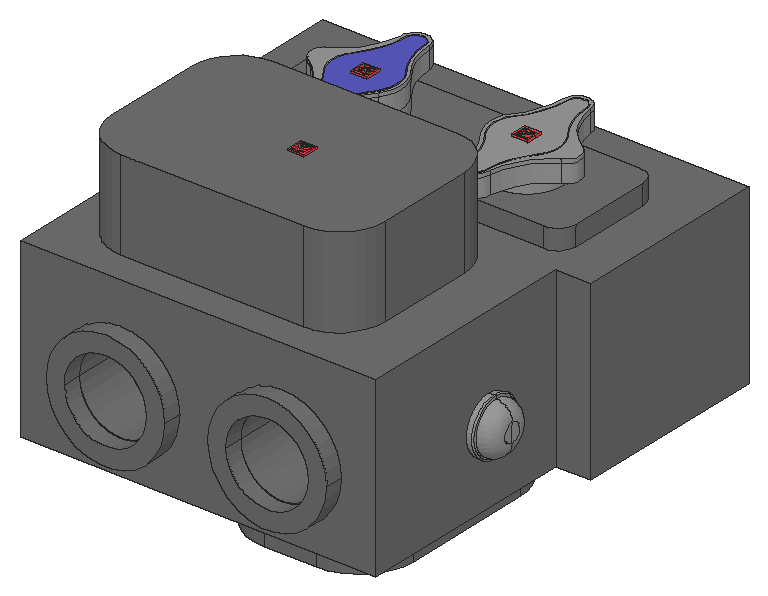
Revit family "HerzCon-Fan-coils and terminal units connection 90mm", category Rohrzubehör, Revit 2021
Family settings
  Bemaßung runder Anschluss = Durchmesser verwenden
  Teiletyp = Unterbricht
  OmniClass-Nummer = 23.65.55.14
  OmniClass-Titel = Valves for Liquid Services
  Arbeitsebenenbasiert = Nein
  Immer vertikal = Ja
  Beim Laden mit Abzugskörper schneiden = Nein
  Gemeinsam genutzt = Nein
Parameters (values of type "DN25")
  kvs-Wert (normal funktion) = "2.75"  # constant formula
  kvs-Wert (bypass funktion) = "10.00"  # constant formula
  Vorgabe-Ansicht = 0.00 mm
  URL = "www.herzvalves.com"
  SCRNSEQ = "ARM;TYP_ARM=\"DURR\";02"
  SCRNCODE = "05;04;04"  # constant formula
  Part number isolation [instance] = 1470098  # constant formula
  Part number [instance] = 1460058  # constant formula
  Nennweite SF [instance] = 32.00 mm  # constant formula
  Nennweite Kombi [instance] = 32.00 mm  # constant formula
  Nennweite KH [instance] = 25.00 mm  # constant formula
  Min. operating temperature = -20 °C  # constant formula
  Membranes and O-rings = "EPDM"  # constant formula
  Medium = "Water purity in accordance with the ÖNORM H 5195 and VDI 2035 standards.\r\nEthylene and propylene glycol can be mixed to a ratio of 25 - 50 vol. [%]."
  Max. operating temperature = 130 °C  # constant formula
  Max. operating pressure = 2500000.0 Pa  # constant formula
  Max. differential pressure = 400000.0 Pa  # constant formula
  L11 = 14.00 mm  # constant formula
  L10 = 25.00 mm  # constant formula
  L09 = 16.00 mm  # constant formula
  L08 = 14.75 mm  # constant formula
  L07 = 12.50 mm  # constant formula
  L06 = 20.50 mm  # constant formula
  L04 = 45.00 mm  # constant formula
  L03 = 18.00 mm  # constant formula
  L02 = 4.80 mm  # constant formula
  L01 = 19.85 mm  # constant formula
  L00 [instance] = 189.70 mm  # constant formula
  L05 = 22.00 mm  # constant formula
  Insulation box = "EPP, water vapour impermeable, black"  # constant formula
  Lift = "4 mm"  # constant formula
  Hersteller = "HERZ Armaturen Ges.m.b.H."  # constant formula
  H02 = D02 + 1.00 mm  # 28.00 mm
  H01 = 39.50 mm  # constant formula
  Insulation [instance] = yes
  D11 = 20.00 mm  # constant formula
  D10 = 13.00 mm  # constant formula
  D09 = 18.90 mm  # constant formula
  D08 = 19.10 mm  # constant formula
  D07 = 14.85 mm  # constant formula
  D06 = 32.60 mm  # constant formula
  D05 = 33.80 mm  # constant formula
  D04 = 15.50 mm  # constant formula
  D03 = 21.25 mm  # constant formula
  D02 = 27.00 mm  # constant formula
  D01 = 15.00 mm  # constant formula
  Body = "dezincification-resistant brass"  # constant formula
  Application = "HerzCON has been designed to give a simple connection to fan-coils, or other terminal units, and utilises the HERZ 4006 SMART Pressure Independent Balancing Control Valve with HERZ multifunctional ball valve and a HERZ strainer with HERZ drain valve 2512.\r\nOn/off or modulating 0 – 10 V DC actuators can be fitted and integrated to a BMS if required.\r\nThe unit allows pressure independent control ensuring full stroke regardless of pressure fluctuations, while guaranteeing a constant flow rate to the terminal unit maximising energy efficiency for the system.\r\nThe HerzCON unit also permits flushing and isolating operations to be undertaken.\r\nThis means there is no product differentiation between heating and chilled, one unit does both applications.\r\nThe drain cock fitted to the strainer allows flushing without the need to remove the strainer basket and also allows the strainer basket to be cleaned in-situ."
Reference planes
  plane 1 "Mitte (Vorne/hinten)": y = 0
  plane 2: z = 0
  plane 3 "Mitte (Links/rechts)": x = 0
Forms (mm)
  Revolve 1, solid, material "Messing, weicher Gelbton, geschweißt", detail levels fine
    sketch origin (-0.315, -1.436, 0) x (1, 0, 0) y (0, 1, 0)
      loop
        line (-94.535, 1.436) -> (95.165, 1.436) -> (95.165, 16.436) -> (75.315, 16.436) -> (75.315, 28.436) -> (23.115, 28.436) -> (23.115, 22.686) -> (18.315, 22.686) -> (18.315, 16.936) -> (-17.685, 16.936) -> (-17.685, 22.686) -> (-22.485, 22.686) -> (-22.485, 28.436) -> (-74.685, 28.436) -> (-74.685, 16.436) -> (-94.535, 16.436) -> (-94.535, 1.436)
      axis (95.165, 1.436) -> (-94.535, 1.436)
    angle from 0 to 360
  Revolve 2, solid, material "Messing, weicher Gelbton, geschweißt", detail levels fine
    sketch origin (0, 0, 0) x (1, 0, 0) y (0, 1, 0)
      loop
        line (-45, 28.35) -> (-57.5, 28.35) -> (-57.5, 47.45) -> (-65.5, 47.45) -> (-65.5, 32.6) -> (-67, 32.6) -> (-67, -33.8) -> (-59.75, -33.8) -> (-59.75, -45.7) -> (-70, -45.7) -> (-70, -65.7) -> (-61, -65.7) -> (-61, -52.7) -> (-45, -52.7) -> (-45, 28.35)
      axis (-45, 47.45) -> (-45, -65.7)
    angle from 0 to 360
  Revolve 3, solid, material "Messing, weicher Gelbton, geschweißt", detail levels fine
    sketch origin (0, 0, 0) x (-1, 0, 0) y (0, 1, 0)
      loop
        line (-45, 28.35) -> (-57.5, 28.35) -> (-57.5, 47.45) -> (-65.5, 47.45) -> (-65.5, 32.6) -> (-67, 32.6) -> (-67, -33.8) -> (-59.75, -33.8) -> (-59.75, -45.7) -> (-70, -45.7) -> (-70, -65.7) -> (-61, -65.7) -> (-61, -52.7) -> (-45, -52.7) -> (-45, 28.35)
      axis (-45, 47.45) -> (-45, -65.7)
    angle from 0 to 360
  Revolve 4, solid, material "Messing, weicher Gelbton, geschweißt", detail levels fine
    sketch origin (0, 0, 0) x (1, 0, 0) y (0, 0, 1)
      loop
        line (-45, 0) -> (-45, 39.5) -> (-59, 39.5) -> (-59, 0) -> (-45, 0)
      axis (-45, 0) -> (-45, 39.5)
    angle from 0 to 360
  Revolve 5, solid, material "Messing, weicher Gelbton, geschweißt", detail levels fine
    sketch origin (0, 0, 0) x (-1, 0, 0) y (0, 0, 1)
      loop
        line (-45, 0) -> (-45, 39.5) -> (-59, 39.5) -> (-59, 0) -> (-45, 0)
      axis (-45, 0) -> (-45, 39.5)
    angle from 0 to 360
  Revolve 6, solid, material "Messing, weicher Gelbton, geschweißt", detail levels fine
    sketch origin (0, 33.127, 0) x (1, 0, 0) y (0, 1, 0)
      loop
        line (45, -87.677) -> (29, -87.677) -> (29, -96.677) -> (30, -96.677) -> (30, -154.677) -> (29, -154.677) -> (29, -163.677) -> (45, -163.677) -> (45, -87.677)
      axis (45, -87.677) -> (45, -163.677)
    angle from 0 to 360
  Revolve 7, solid, material "Messing, weicher Gelbton, geschweißt", detail levels fine
    sketch origin (0, 0, 0) x (1, 0, 0) y (0, 1, 0)
      loop
        line (25, -92.55) -> (25, -107.55) -> (45, -107.55) -> (60, -111.55) -> (68, -111.55) -> (68, -107.55) -> (78, -107.55) -> (78, -105.55) -> (91, -105.55) -> (91, -106.55) -> (100, -106.55) -> (100, -92.55) -> (25, -92.55)
      axis (25, -92.55) -> (100, -92.55)
    angle from 0 to 360
  Revolve 8, solid, material "Messing, weicher Gelbton, geschweißt", detail levels fine
    sketch origin (0, 0, 0) x (1, 0, 0) y (0, 1, 0)
      loop
        line (25, -92.55) -> (11, -92.55) -> (11, -103.55) -> (15, -103.55) -> (15, -109.55) -> (25, -109.55) -> (25, -92.55)
      axis (11, -92.55) -> (25, -92.55)
    angle from 0 to 360
  Extrusion 9, solid, material "Messing, weicher Gelbton, geschweißt", detail levels fine
    sketch origin (0, 0, 0) x (0, 1, 0) y (0, 0, 1)
      loop
        line (-87.8, 46) -> (-97.3, 46) -> (-130.012, 27.114) -> (-134.762, 18.886) -> (-134.762, -18.886) -> (-130.012, -27.114) -> (-97.3, -46) -> (-87.8, -46) -> (-55.088, -27.114) -> (-50.338, -18.886) -> (-50.338, 18.886) -> (-55.088, 27.114) -> (-87.8, 46)
    from 11 to -10.6
  Revolve 10, solid, material "Messing, weicher Gelbton, geschweißt", detail levels fine
    sketch origin (0, 0, 0) x (1, 0, 0) y (0, 1, 0)
      loop
        line (-10.6, -92.55) -> (-10.6, -62.694) -> (-14.1, -75.05) -> (-14.1, -92.55) -> (-10.6, -92.55)
      axis (-14.1, -92.55) -> (-10.6, -92.55)
    angle from 0 to 360
  Extrusion 11, solid, material "Messing, weicher Gelbton, geschweißt", detail levels fine
    sketch origin (0, 0, 0) x (1, 0, 0) y (0, 0, 1)
      loop
        line (11, 8) -> (-6.1, 8)
        arc (-6.1, 8) -> (-14.1, 0) -> (-6.1, -8) r 8
        line (-6.1, -8) -> (11, -8) -> (11, 8)
    from 49.053 to 92.55
  Revolve 12, solid, material "Messing, weicher Gelbton, geschweißt", detail levels fine
    sketch origin (0, 0, 0) x (1, 0, 0) y (0, 1, 0)
      loop
        line (-13.1, -49.053) -> (-6.1, -49.053) -> (-6.1, -33.053) -> (-13.1, -33.053) -> (-13.1, -44.053) -> (-10.1, -44.053) -> (-10.1, -46.053) -> (-13.1, -46.053) -> (-13.1, -49.053)
      axis (-6.1, -33.053) -> (-6.1, -49.053)
    angle from 0 to 360
  Revolve 13, solid, material "Messing, weicher Gelbton, geschweißt", detail levels fine
    sketch origin (45, 0, 0) x (0, 1, 0) y (0, 0, 1)
      loop
        line (-107.55, 29) -> (-116.55, 29) -> (-116.55, 0) -> (-115.35, 0) -> (-115.35, -27) -> (-114.55, -27) -> (-114.55, -30) -> (-111.55, -30) -> (-111.55, -32) -> (-114.55, -32) -> (-114.55, -43) -> (-107.55, -43) -> (-107.55, 29)
      axis (-107.55, 29) -> (-107.55, -43)
    angle from 0 to 360
  Revolve 14, solid, material "Messing, weicher Gelbton, geschweißt", detail levels fine
    sketch origin (45, 0, 0) x (0, 1, 0) y (0, 0, 1)
      loop
        line (-68.55, 29) -> (-77.55, 29) -> (-77.55, 0) -> (-68.55, 0) -> (-68.55, 29)
      axis (-77.55, 29) -> (-77.55, 0)
    angle from 0 to 360
  Revolve 15, solid, material "Messing, weicher Gelbton, geschweißt", detail levels fine
    sketch origin (5.25, 97.957, 0) x (1, 0, 0) y (0, 1, 0)
      loop
        line (-50.25, -152.507) -> (-66.25, -152.507) -> (-66.25, -167.507) -> (-67.75, -167.507) -> (-67.75, -230.907) -> (-66.25, -230.907) -> (-66.25, -242.507) -> (-50.25, -242.507) -> (-50.25, -152.507)
      axis (-50.25, -152.507) -> (-50.25, -242.507)
    angle from 0 to 360
  Revolve 16, solid, material "Messing, weicher Gelbton, geschweißt", detail levels fine
    sketch origin (-45, -230.478, 0) x (0, 1, 0) y (0, 0, 1)
      loop
        arc (130.928, -23.913) -> (141.764, -20.377) -> (148.428, -11.13) r 18.37
        line (148.428, -11.13) -> (148.428, 3) -> (149.428, 4.812) -> (149.428, 32.5) -> (149.428, 34.5) -> (148.428, 34.5) -> (148.428, 36) -> (144.428, 36) -> (144.428, 49) -> (142.55, 50.084)
        arc (142.55, 50.084) -> (140.382, 52.622) -> (140.295, 55.959) r 5
        line (140.295, 55.959) -> (141.933, 61) -> (141.933, 76) -> (144.133, 76) -> (144.133, 77.5) -> (145.912, 77.5) -> (145.912, 84) -> (144.912, 86.5) -> (133.412, 86.5) -> (133.412, 89.5) -> (134.912, 89.5) -> (134.912, 91.5) -> (130.928, 91.5) -> (130.928, -23.913)
      axis (130.928, 91.5) -> (130.928, -23.913)
    angle from 0 to 360
  Extrusion 17, solid, material "Messing, weicher Gelbton, geschweißt", detail levels fine
    sketch origin (-1, -230.478, 0) x (0, 1, 0) y (0, 0, 1)
      loop
        circle (130.928, 65) r 5.5
    from -44 to -27
  Extrusion 18, solid, material "Kunststoff-Anthrazit/Schwarz", visible <- "Insulation", detail levels fine
    sketch origin (-452.346, 0, 0) x (1, 0, 0) y (0, 1, 0)
      loop
        line (332.346, 64.5) -> (332.346, -45.5) -> (351.746, -45.5) -> (351.746, -170.5) -> (549.946, -170.5) -> (549.946, -45.5) -> (569.346, -45.5) -> (569.346, 64.5) -> (332.346, 64.5)
    from -42 to 56
  Extrusion 19, void
    sketch origin (0, 0, 0) x (0, 1, 0) y (0, 0, 1)
      loop
        circle (-92.55, 0) r 15
    from 117 to 32.451
  Extrusion 20, void
    sketch origin (0, 0, 0) x (1, 0, 0) y (0, 0, 1)
      loop
        circle (-45, 0) r 23
      loop
        circle (45, 0) r 23
    from 184.5 to -80
  Extrusion 21, solid, material "Kunststoff-Anthrazit/Schwarz", visible <- "Insulation", detail levels fine
    sketch origin (0, 0, 0) x (1, 0, 0) y (0, 0, 1)
      loop
        circle (-45, 0) r 33
      loop
        circle (45, 0) r 33
    from 180.5 to 170.5
  Extrusion 22, solid, material "Kunststoff-Anthrazit/Schwarz", visible <- "Insulation", detail levels fine
    sketch origin (0, 0, 0) x (1, 0, 0) y (0, 0, 1)
      loop
        circle (-45, 0) r 33
      loop
        circle (45, 0) r 33
    from -64.5 to -74.5
  Extrusion 23, solid, material "Kunststoff-Anthrazit/Schwarz", visible <- "Insulation", detail levels fine
    sketch origin (0, 0, 0) x (1, 0, 0) y (0, 1, 0)
      loop
        line (43.2, -46.9) -> (-58.4, -46.9)
        arc (-58.4, -46.9) -> (-76.078, -54.222) -> (-83.4, -71.9) r 25
        line (-83.4, -71.9) -> (-83.4, -128)
        arc (-83.4, -128) -> (-76.078, -145.678) -> (-58.4, -153) r 25
        line (-58.4, -153) -> (43.2, -153)
        arc (43.2, -153) -> (60.878, -145.678) -> (68.2, -128) r 25
        line (68.2, -128) -> (68.2, -71.9)
        arc (68.2, -71.9) -> (60.878, -54.222) -> (43.2, -46.9) r 25
    from 56 to 106
  Extrusion 24, solid, material "Kunststoff-Anthrazit/Schwarz", visible <- "Insulation", detail levels fine
    sketch origin (0, 0, 0) x (1, 0, 0) y (0, 1, 0)
      loop
        arc (81.5, -33.43) -> (88.571, -30.501) -> (91.5, -23.43) r 10
        line (91.5, -23.43) -> (91.5, 22.8)
        arc (91.5, 22.8) -> (88.571, 29.871) -> (81.5, 32.8) r 10
        line (81.5, 32.8) -> (-81.5, 32.8)
        arc (-81.5, 32.8) -> (-88.571, 29.871) -> (-91.5, 22.8) r 10
        line (-91.5, 22.8) -> (-91.5, -23.43)
        arc (-91.5, -23.43) -> (-88.571, -30.501) -> (-81.5, -33.43) r 10
        line (-81.5, -33.43) -> (81.5, -33.43)
    from 56 to 67
  Extrusion 25, solid, material "Kunststoff-Anthrazit/Schwarz", visible <- "Insulation", detail levels fine
    sketch origin (0, 0, 0) x (1, 0, 0) y (0, 1, 0)
      loop
        arc (5.4, 1.85) -> (-15.813, -6.937) -> (-24.6, -28.15) r 30
        line (-24.6, -28.15) -> (-24.6, -102.9)
        arc (-24.6, -102.9) -> (-15.813, -124.113) -> (5.4, -132.9) r 30
        line (5.4, -132.9) -> (34.4, -132.9)
        arc (34.4, -132.9) -> (55.613, -124.113) -> (64.4, -102.9) r 30
        line (64.4, -102.9) -> (64.4, -28.15)
        arc (64.4, -28.15) -> (55.613, -6.937) -> (34.4, 1.85) r 30
        line (34.4, 1.85) -> (5.4, 1.85)
    from -42 to -76
Cuts and joins
  Extrusion 19, Extrusion 20 cuts Extrusion 18
  Extrusion 20 cuts Extrusion 21
  Extrusion 20 cuts Extrusion 22
Dimensions and locks
  "D04": Revolve 1 sketch curve to Revolve 1 sketch curve
  "D03": Revolve 1 sketch curve to Revolve 1 sketch curve  (x2)
  "D01": Revolve 1 sketch curve to Revolve 1 sketch curve  (x2)
  "D02": Revolve 1 sketch curve to Revolve 1 sketch curve  (x2)
  "L00": Revolve 1 sketch curve to Revolve 1 sketch curve
  "L01": Revolve 1 sketch curve to Revolve 1 sketch curve  (x2)
  "L02": Revolve 1 sketch curve to Revolve 1 sketch curve  (x2)
  equal spacing: Revolve 1 sketch curve, plane 3 "Mitte (Links/rechts)", Revolve 1 sketch curve
  "L03": Revolve 1 sketch curve to plane 3 "Mitte (Links/rechts)" to Revolve 1 sketch curve
  "L04": Revolve 2 sketch curve to plane 3 "Mitte (Links/rechts)"  (x2)
  "L05": Revolve 2 sketch curve to Revolve 2 sketch curve
  "D05": Revolve 2 sketch curve to plane 1 "Mitte (Vorne/hinten)"
  "D06": plane 1 "Mitte (Vorne/hinten)" to Revolve 2 sketch curve
  "L06": Revolve 2 sketch curve to Revolve 2 sketch curve
  "D07": Revolve 2 sketch curve to Revolve 2 sketch curve
  "D08": Revolve 2 sketch curve to Revolve 2 sketch curve
  "L07": Revolve 2 sketch curve to Revolve 2 sketch curve
  "L08": Revolve 2 sketch curve to Revolve 2 sketch curve
  "D09": Revolve 2 sketch curve to Revolve 2 sketch curve
  "D10": Revolve 2 sketch curve to Revolve 2 sketch curve
  "D11": Revolve 2 sketch curve to Revolve 2 sketch curve
  "L09": Revolve 2 sketch curve to Revolve 2 sketch curve
  "L10": Revolve 2 sketch curve to Revolve 2 sketch curve
  "L05": Revolve 3 sketch curve to Revolve 3 sketch curve
  "L06": Revolve 3 sketch curve to Revolve 3 sketch curve
  "D07": Revolve 3 sketch curve to Revolve 3 sketch curve
  "D08": Revolve 3 sketch curve to Revolve 3 sketch curve
  "L07": Revolve 3 sketch curve to Revolve 3 sketch curve
  "L08": Revolve 3 sketch curve to Revolve 3 sketch curve
  "D09": Revolve 3 sketch curve to Revolve 3 sketch curve
  "D10": Revolve 3 sketch curve to Revolve 3 sketch curve
  "D11": Revolve 3 sketch curve to Revolve 3 sketch curve
  "L09": Revolve 3 sketch curve to Revolve 3 sketch curve
  "L10": Revolve 3 sketch curve to Revolve 3 sketch curve
  "L04": plane 3 "Mitte (Links/rechts)" to Revolve 3 sketch curve  (x2)
  "D05": Revolve 3 sketch curve to plane 1 "Mitte (Vorne/hinten)"
  "D06": plane 1 "Mitte (Vorne/hinten)" to Revolve 3 sketch curve
  "H01": Revolve 4 sketch curve to plane 2
  "L04": plane 3 "Mitte (Links/rechts)" to Revolve 4 sketch curve  (x2)
  "L11": Revolve 4 sketch curve to Revolve 4 sketch curve
  "L11": Revolve 5 sketch curve to Revolve 5 sketch curve
  "L04": Revolve 5 sketch curve to plane 3 "Mitte (Links/rechts)"  (x2)
  "H01": Revolve 5 sketch curve to plane 2
  "L04": nested 3 to plane 3 "Mitte (Links/rechts)"
  "L04": plane 3 "Mitte (Links/rechts)" to nested 4
  "H02": nested 3 to plane 2
  "H02": nested 4 to plane 2
  "L04": plane 3 "Mitte (Links/rechts)" to Revolve 6 sketch curve  (x2)
  Revolve 6 sketch curve to Revolve 6 sketch curve = 16.00 mm  (x2)
  Revolve 6 sketch curve to Revolve 6 sketch curve = 15.00 mm
  Revolve 6 sketch curve to Revolve 6 sketch curve = 76.00 mm
  Revolve 6 sketch curve to Revolve 6 sketch curve = 9.00 mm  (x2)
  equal spacing: Revolve 6, Revolve 7 sketch curve, Revolve 6  (x2)
  Revolve 7 sketch curve to Revolve 7 sketch curve = 75.00 mm
  Revolve 7 sketch curve to Revolve 7 sketch curve = 9.00 mm
  Revolve 7 sketch curve to Revolve 7 sketch curve = 13.00 mm  (x2)
  Revolve 7 sketch curve to Revolve 7 sketch curve = 10.00 mm
  "L04": plane 3 "Mitte (Links/rechts)" to Revolve 7 sketch curve
  Revolve 7 sketch curve to Revolve 7 sketch curve = 14.00 mm
  Revolve 7 sketch curve to Revolve 7 sketch curve = 15.00 mm  (x2)
  Revolve 7 sketch curve to Revolve 7 sketch curve = 20.00 mm
  Revolve 7 sketch curve to Revolve 7 sketch curve = 35.00 mm
  Revolve 8 sketch curve to Revolve 7 = 20.00 mm
  equal spacing: Revolve 6, Revolve 8 sketch curve, Revolve 6  (x2)
  Revolve 8 sketch curve to Revolve 8 sketch curve = 17.00 mm
  Revolve 8 sketch curve to Revolve 8 sketch curve = 11.00 mm
  Revolve 8 sketch curve to Revolve 8 sketch curve = 14.00 mm
  Revolve 8 sketch curve to Revolve 8 sketch curve = 10.00 mm
  Revolve 6 to Extrusion 9 sketch curve = 4.212 mm
  Extrusion 9 sketch curve to Revolve 6 = 4.212 mm
  Extrusion 9 sketch curve to Extrusion 9 sketch curve = 84.424 mm
  equal spacing: Extrusion 9 sketch curve, level, Extrusion 9 sketch curve
  Extrusion 9 to Revolve 7 = 34.00 mm
  equal spacing: Revolve 6, Revolve 10 sketch curve, Revolve 6  (x2)
  Revolve 10 sketch curve to Revolve 10 sketch curve = 17.50 mm
  Revolve 10 sketch curve to Revolve 10 sketch curve = 29.856 mm
  Revolve 10 sketch curve to Extrusion 9 = 3.50 mm
  equal spacing: Revolve 6, nested 5, Revolve 6
  Revolve 7 to nested 5 = 46.00 mm
  Extrusion 9 to Revolve 10 = 25.10 mm
  Revolve 12 sketch curve to Revolve 12 sketch curve = 7.00 mm  (x2)
  Revolve 12 sketch curve to Revolve 12 sketch curve = 4.00 mm
  Revolve 12 sketch curve to Revolve 12 sketch curve = 3.00 mm
  Revolve 12 sketch curve to Revolve 12 sketch curve = 2.00 mm
  Revolve 12 sketch curve to Revolve 12 sketch curve = 11.00 mm
  Revolve 10 to Revolve 12 sketch curve = 1.00 mm
  Revolve 10 to Revolve 12 sketch curve = 8.00 mm
  Extrusion 11 to Revolve 12 sketch curve = 43.497 mm
  equal spacing: Revolve 6, Extrusion 11, Revolve 6
  Extrusion 11 to Extrusion 11 = 43.497 mm
  Revolve 3 to Revolve 6 = 178.00 mm
  Revolve 13 sketch curve to Revolve 13 sketch curve = 7.80 mm
  Revolve 13 sketch curve to Revolve 13 sketch curve = 9.00 mm
  Revolve 13 sketch curve to Revolve 13 sketch curve = 7.00 mm  (x2)
  Revolve 13 sketch curve to Revolve 13 sketch curve = 4.00 mm
  Revolve 13 sketch curve to Revolve 13 sketch curve = 3.00 mm
  Revolve 13 sketch curve to Revolve 13 sketch curve = 2.00 mm
  Revolve 13 sketch curve to Revolve 13 sketch curve = 11.00 mm
  "L04": plane 3 "Mitte (Links/rechts)" to Revolve 13
  Revolve 14 sketch curve to Revolve 14 sketch curve = 9.00 mm
  "L04": plane 3 "Mitte (Links/rechts)" to Revolve 14
  nested 7 to plane 2 = 29.00 mm
  nested 6 to plane 2 = 29.00 mm
  Revolve 15 sketch curve to Revolve 15 sketch curve = 11.60 mm
  Revolve 15 sketch curve to Revolve 15 sketch curve = 15.00 mm
  Revolve 15 sketch curve to Revolve 15 sketch curve = 90.00 mm
  Revolve 15 sketch curve to Revolve 15 sketch curve = 16.00 mm  (x2)
  Revolve 15 sketch curve to Revolve 15 sketch curve = 17.50 mm
  Revolve 15 to Revolve 16 sketch curve = 45.00 mm  (x2)
  Revolve 15 to Extrusion 17 sketch curve = 45.00 mm
  nested 8 to Revolve 15 = 45.00 mm
  plane 2 to Revolve 16 sketch curve = 23.913 mm
  Revolve 16 sketch curve to plane 2 = 34.50 mm
  Revolve 16 sketch curve to Revolve 16 sketch curve = 17.50 mm  (x2)
  Revolve 16 sketch curve to plane 2 = 4.812 mm
  Revolve 16 sketch curve to Revolve 16 sketch curve = 18.50 mm
  Revolve 16 sketch curve to Revolve 16 sketch curve = 1.50 mm
  Revolve 16 sketch curve to Revolve 16 sketch curve = 13.50 mm
  Revolve 16 sketch curve to Revolve 16 sketch curve = 13.00 mm
  "L04": Revolve 16 to plane 3 "Mitte (Links/rechts)"
  "L04": Revolve 15 sketch curve to plane 3 "Mitte (Links/rechts)"  (x2)
  Extrusion 17 to Extrusion 17 = 17.00 mm
  "L04": plane 3 "Mitte (Links/rechts)" to Extrusion 17
  Revolve 16 to Extrusion 17 sketch curve = 11.00 mm
  Extrusion 17 sketch curve to plane 2 = 65.00 mm
  Revolve 15 to Revolve 2 = 192.00 mm
  Extrusion 18 sketch curve to Extrusion 18 sketch curve = 237.00 mm
  Extrusion 18 sketch curve to Extrusion 18 sketch curve = 235.00 mm
  Extrusion 18 sketch curve to Extrusion 18 sketch curve = 19.40 mm  (x2)
  plane 1 "Mitte (Vorne/hinten)" to Extrusion 18 sketch curve = 64.50 mm
  Extrusion 18 sketch curve to Extrusion 18 sketch curve = 110.00 mm  (x2)
  cut or joined group of Extrusion 18, Extrusion 19, Extrusion 20 to Extrusion 19 sketch curve = 77.95 mm
  cut or joined group of Extrusion 18, Extrusion 19, Extrusion 20 to Extrusion 20 sketch curve = 52.00 mm
  cut or joined group of Extrusion 18, Extrusion 19, Extrusion 20 to Extrusion 20 sketch curve = 142.00 mm
  cut or joined group of Extrusion 18, Extrusion 19, Extrusion 20 to Extrusion 21 sketch curve = 42.00 mm
  cut or joined group of Extrusion 18, Extrusion 19, Extrusion 20 to Extrusion 21 sketch curve = 132.00 mm
  cut or joined group of Extrusion 18, Extrusion 19, Extrusion 20 to Extrusion 22 sketch curve = 42.00 mm
  cut or joined group of Extrusion 18, Extrusion 19, Extrusion 20 to Extrusion 22 sketch curve = 132.00 mm
  cut or joined group of Extrusion 18, Extrusion 19, Extrusion 20 to Extrusion 23 sketch curve = 17.50 mm
  cut or joined group of Extrusion 18, Extrusion 19, Extrusion 20 to Extrusion 23 sketch curve = 17.20 mm
  Extrusion 23 sketch curve to Extrusion 23 sketch curve = 151.60 mm
  Extrusion 23 sketch curve to Extrusion 23 sketch curve = 106.10 mm
  Extrusion 24 sketch curve to Extrusion 24 sketch curve = 66.23 mm
  Extrusion 24 sketch curve to Extrusion 24 sketch curve = 183.00 mm
  cut or joined group of Extrusion 18, Extrusion 19, Extrusion 20 to Extrusion 24 sketch curve = 28.50 mm
  Extrusion 24 sketch curve to cut or joined group of Extrusion 18, Extrusion 19, Extrusion 20 = 25.50 mm
  cut or joined group of Extrusion 18, Extrusion 19, Extrusion 20 to Extrusion 24 sketch curve = 31.70 mm
  cut or joined group of Extrusion 18, Extrusion 19, Extrusion 20 to Extrusion 25 sketch curve = 62.65 mm
  Extrusion 25 sketch curve to Extrusion 25 sketch curve = 134.75 mm
  Extrusion 25 sketch curve to cut or joined group of Extrusion 18, Extrusion 19, Extrusion 20 = 52.60 mm
  Extrusion 25 sketch curve to Extrusion 25 sketch curve = 89.00 mm
  equal spacing: Extrusion 23, nested 9, Extrusion 23
  nested 9 to plane 2 = 105.20 mm
  radius of Revolve 16 sketch curve = 18.37 mm
  radius of Extrusion 17 sketch curve = 5.50 mm
  diameter of Extrusion 19 sketch curve = 30.00 mm
  diameter of Extrusion 20 sketch curve = 46.00 mm  (x2)
  diameter of Extrusion 21 sketch curve = 66.00 mm  (x2)
  diameter of Extrusion 22 sketch curve = 66.00 mm  (x2)
  aligned and locked: level to plane 2
Automatic sketch dimensions
  Extrusion 11 sketch curve to level = 0.00 mm
  Extrusion 11 sketch curve to plane 3 "Mitte (Links/rechts)" = 6.10 mm
  plane 3 "Mitte (Links/rechts)" to Extrusion 11 sketch curve = 11.00 mm
  Extrusion 11 sketch curve to level = 8.00 mm
  Revolve 8 sketch curve to Revolve 8 sketch curve = 2.197 mm
  Revolve 8 sketch curve to Revolve 8 sketch curve = 3.212 mm
  level to Extrusion 9 sketch curve = 27.114 mm  (x2)
  Extrusion 9 sketch curve to Extrusion 9 sketch curve = 4.75 mm  (x4)
  Extrusion 9 sketch curve to level = 27.114 mm  (x2)
  Extrusion 9 sketch curve to Extrusion 9 sketch curve = 32.712 mm  (x2)
  Extrusion 9 sketch curve to Extrusion 9 sketch curve = 9.50 mm  (x2)
  Extrusion 9 sketch curve to Extrusion 9 sketch curve = 18.886 mm
  Extrusion 9 sketch curve to Extrusion 9 sketch curve = 8.227 mm  (x4)
  Revolve 10 sketch curve to plane 3 "Mitte (Links/rechts)" = 10.60 mm
  Revolve 10 sketch curve to Revolve 10 sketch curve = 0.00 mm  (x2)
  Revolve 12 sketch curve to Revolve 12 sketch curve = 1.775 mm
  Revolve 12 sketch curve to Revolve 12 sketch curve = 4.225 mm
  Revolve 13 sketch curve to level = 0.00 mm
  level to Revolve 13 sketch curve = 29.00 mm
  plane 1 "Mitte (Vorne/hinten)" to Revolve 13 sketch curve = 116.55 mm
  Revolve 13 sketch curve to level = 27.00 mm
  Revolve 13 sketch curve to Revolve 13 sketch curve = 7.00 mm
  Revolve 13 sketch curve to Revolve 13 sketch curve = 7.744 mm
  Revolve 13 sketch curve to Revolve 13 sketch curve = 8.256 mm
  Revolve 14 sketch curve to level = 0.00 mm
  level to Revolve 14 sketch curve = 29.00 mm
  plane 1 "Mitte (Vorne/hinten)" to Revolve 14 sketch curve = 77.55 mm
  Revolve 14 sketch curve to Revolve 14 sketch curve = 0.00 mm
  level to Revolve 14 sketch curve = 14.00 mm
  Revolve 14 sketch curve to Revolve 14 sketch curve = 5.00 mm
  Revolve 16 sketch curve to Revolve 16 sketch curve = 2.485 mm
  Revolve 16 sketch curve to Revolve 16 sketch curve = 1.50 mm  (x2)
  level to Revolve 16 sketch curve = 55.959 mm
  Revolve 16 sketch curve to Revolve 16 sketch curve = 4.133 mm
  level to Revolve 16 sketch curve = 61.00 mm
  Revolve 16 sketch curve to Revolve 16 sketch curve = 1.638 mm
  level to Revolve 16 sketch curve = 50.084 mm
  Revolve 16 sketch curve to Revolve 16 sketch curve = 1.878 mm
  Revolve 16 sketch curve to Revolve 16 sketch curve = 10.00 mm
  Revolve 16 sketch curve to Revolve 16 sketch curve = 2.50 mm  (x2)
  Revolve 16 sketch curve to Revolve 16 sketch curve = 1.00 mm
  Revolve 16 sketch curve to Revolve 16 sketch curve = 1.812 mm
  Revolve 16 sketch curve to Revolve 16 sketch curve = 2.00 mm  (x2)
  Revolve 16 sketch curve to Revolve 16 sketch curve = 15.00 mm
  Revolve 16 sketch curve to Revolve 16 sketch curve = 6.50 mm
  Revolve 16 sketch curve to Revolve 16 sketch curve = 3.00 mm
  Revolve 16 sketch curve to Revolve 16 sketch curve = 2.20 mm
  Revolve 16 sketch curve to Revolve 16 sketch curve = 1.316 mm
  Revolve 16 sketch curve to Revolve 16 sketch curve = 0.227 mm
  Extrusion 18 sketch curve to plane 3 "Mitte (Links/rechts)" = 120.00 mm
  Extrusion 19 sketch curve to level = 0.00 mm
  Extrusion 20 sketch curve to level = 0.00 mm  (x2)
  Extrusion 21 sketch curve to level = 0.00 mm  (x2)
  Extrusion 22 sketch curve to level = 0.00 mm  (x2)
  Extrusion 23 sketch curve to Extrusion 23 sketch curve = 25.00 mm  (x4)
  Extrusion 24 sketch curve to Extrusion 24 sketch curve = 10.00 mm  (x4)
  Extrusion 25 sketch curve to Extrusion 25 sketch curve = 30.00 mm
  plane 1 "Mitte (Vorne/hinten)" to Extrusion 25 sketch curve = 28.15 mm
  Extrusion 25 sketch curve to Extrusion 25 sketch curve = 29.00 mm  (x2)
  Revolve 1 sketch curve to plane 1 "Mitte (Vorne/hinten)" = 0.00 mm
  plane 1 "Mitte (Vorne/hinten)" to Revolve 1 sketch curve = 0.00 mm
  Revolve 1 sketch curve to Revolve 1 sketch curve = 1933.131 mm
  Revolve 1 sketch curve to Revolve 1 sketch curve = 1932.50 mm
  plane 1 "Mitte (Vorne/hinten)" to Revolve 2 sketch curve = 18.80 mm
  Revolve 2 sketch curve to Revolve 2 sketch curve = 12.268 mm
  Revolve 3 sketch curve to plane 1 "Mitte (Vorne/hinten)" = 18.80 mm
  Revolve 3 sketch curve to Revolve 3 sketch curve = 12.268 mm
  Revolve 4 sketch curve to level = 0.00 mm  (x2)
  Revolve 4 sketch curve to Revolve 4 sketch curve = 9.50 mm
  Revolve 5 sketch curve to level = 0.00 mm  (x2)
  Revolve 5 sketch curve to Revolve 5 sketch curve = 9.50 mm
  plane 1 "Mitte (Vorne/hinten)" to Revolve 6 sketch curve = 130.55 mm
  Revolve 6 sketch curve to Revolve 6 sketch curve = 6.00 mm
  Revolve 6 sketch curve to Revolve 6 sketch curve = 5.00 mm
  Revolve 7 sketch curve to Revolve 7 sketch curve = 4.00 mm
  Revolve 7 sketch curve to Revolve 7 sketch curve = 15.00 mm
  Revolve 7 sketch curve to Revolve 7 sketch curve = 11.575 mm
  plane 1 "Mitte (Vorne/hinten)" to Revolve 15 sketch curve = 144.55 mm
  Revolve 15 sketch curve to Revolve 15 sketch curve = 6.926 mm
  Revolve 15 sketch curve to Revolve 15 sketch curve = 10.00 mm
Nested families
  nested 1: "Herz-Logo-vorne" at (-0.315, -15.5, 0) x (0, 1, 0) z (0, 0, 1), type "Herz-Logo-vorne", detail levels fine
  nested 2: "Herz-Logo-vorne" at (-0.315, 15.5, 0) x (0, 1, 0) z (0, 0, 1), type "Herz-Logo-vorne", detail levels fine
  nested 3: "Handrad (blau) für HerzCon DN25-DN32" at (-45, 0, 28) x (0, -1, 0) z (0, 0, 1), type "Handrad (blau) für HerzCon DN25-DN32", detail levels fine
  nested 4: "Handrad (rot) für HerzCon DN25-DN32" at (45, 0, 28) x (0, 1, 0) z (0, 0, 1), type "Handrad (rot) für HerzCon DN25-DN32", detail levels fine
  nested 5: "Bauschutzkappe für HerCon" at (91, -92.55, 0), type "Bauschutzkappe für HerCon"
  nested 6: "Messstutzen_Band_Austritt_senkrecht_(oben)" at (45, -77.55, 11.5), type "Messstutzen_Band_Austritt_senkrecht_(oben)"
    with Schutzkappe yes, Nennweite 0.00 mm, Gewicht 0.00 kg, Bestellnummer 0
  nested 7: "Messstutzen_Band_Eintritt_senkrecht_(oben)" at (45, -107.55, 11.5), type "Messstutzen_Band_Eintritt_senkrecht_(oben)"
    with Schutzkappe yes, Nennweite 0.00 mm, Gewicht 0.00 kg, Bestellnummer 0
  nested 8: "Flügelgriff rot (seite)" at (-32.6, -99.55, 65), type "Flügelgriff rot (seite)"
  nested 9: "Herz-Logo" at (0, -99.95, 105.2), visible <- "Insulation", type "Herz-Logo", detail levels fine
Connectors
  piping at (45, -130.55, 0), diameter 32, driven by "Nennweite Kombi"
    settings: on Revolve 6, index 1, connector inside diameter 609.6 mm, connector length 0.00 mm, flow factor 0, pipe flow 0.0 L/s, pressure drop 0.0 Pa, fitting loss kfactor 0, connector angle 0.00°, fixture units 0, engagement length 0.00 mm, angle of deflection 0.00°, flow configuration 0, flow direction 1, fitting loss method 0, system type 7, joint type 0, gender type 0, connector reference index -1, connector utility 0, adjustable connector no, is connector primary yes, connector description ""
  piping at (-45, -144.55, 0), diameter 32, driven by "Nennweite SF"
    settings: on Revolve 15, index 2, connector inside diameter 609.6 mm, connector length 0.00 mm, flow factor 0, pipe flow 0.0 L/s, pressure drop 0.0 Pa, fitting loss kfactor 0, connector angle 0.00°, fixture units 0, engagement length 0.00 mm, angle of deflection 0.00°, flow configuration 0, flow direction 2, fitting loss method 0, system type 8, joint type 0, gender type 0, connector reference index -1, connector utility 0, adjustable connector no, is connector primary no, connector description ""
  piping at (-45, 28.35, 0), diameter 25, driven by "Nennweite KH"
    settings: on Revolve 2, index 3, connector inside diameter 609.6 mm, connector length 0.00 mm, flow factor 0, pipe flow 0.0 L/s, pressure drop 0.0 Pa, fitting loss kfactor 0, connector angle 0.00°, fixture units 0, engagement length 0.00 mm, angle of deflection 0.00°, flow configuration 0, flow direction 1, fitting loss method 0, system type 8, joint type 0, gender type 0, connector reference index -1, connector utility 0, adjustable connector no, is connector primary no, connector description ""
  piping at (45, 28.35, 0), diameter 25, driven by "Nennweite KH"
    settings: on Revolve 3, index 4, connector inside diameter 609.6 mm, connector length 0.00 mm, flow factor 0, pipe flow 0.0 L/s, pressure drop 0.0 Pa, fitting loss kfactor 0, connector angle 0.00°, fixture units 0, engagement length 0.00 mm, angle of deflection 0.00°, flow configuration 0, flow direction 2, fitting loss method 0, system type 7, joint type 0, gender type 0, connector reference index -1, connector utility 0, adjustable connector no, is connector primary no, connector description ""
Definition of nested family "Herz-Logo-vorne"
  Parameters (values of type "Herz-Logo-vorne")
    Default Elevation = 0.00 mm
  Reference planes
    plane 1 "Mitte (Vorne/hinten)": y = 0
    plane 2: z = 0
    plane 3 "Mitte (Links/rechts)": x = 0
  Forms (mm)
    Extrusion 1, solid
      sketch origin (0.732, -0.018, 0.017) x (0, -1, 0) y (0, 0, 1)
        loop
          line (-0.018, -4.517) -> (4.482, -4.517) -> (4.482, 4.483) -> (-4.518, 4.483) -> (-4.518, -4.517) -> (-0.018, -4.517)
        loop
          line (-0.05, -3.48) -> (3.482, -3.48) -> (3.482, 3.483) -> (-3.518, 3.483) -> (-3.518, -3.48) -> (-0.05, -3.48)
        loop
          arc (-0.018, 2.383) -> (-1.543, 3.287) -> (-3.067, 2.383) r 1.738
          arc (-3.067, 2.383) -> (-3.191, 1.899) -> (-3.067, 1.415) r 1.009
          line (-3.067, 1.415) -> (-0.018, -3.281) -> (3.032, 1.415)
          arc (3.032, 1.415) -> (3.156, 1.899) -> (3.032, 2.383) r 1.009
          arc (3.032, 2.383) -> (1.507, 3.287) -> (-0.018, 2.383) r 1.738
        loop
          arc (1.885, 1.272) -> (2.005, 1.675) -> (1.885, 2.079) r 0.74
          arc (1.885, 2.079) -> (1.265, 2.416) -> (0.644, 2.079) r 0.74
          line (0.644, 2.079) -> (-0.018, 0.97) -> (-0.679, 2.079)
          arc (-0.679, 2.079) -> (-1.3, 2.416) -> (-1.921, 2.079) r 0.74
          arc (-1.921, 2.079) -> (-2.04, 1.675) -> (-1.921, 1.272) r 0.74
          line (-1.921, 1.272) -> (-0.018, -1.658) -> (1.885, 1.272)
      from 0 to 1.5
  Dimensions and locks
    aligned and locked: level to plane 2
Definition of nested family "Handrad (blau) für HerzCon DN25-DN32"
  Parameters (values of type "Handrad (blau) für HerzCon DN25-DN32")
    Default Elevation = 0.00 mm
  Reference planes
    plane 1 "Mitte (Vorne/hinten)": y = 0
    plane 2: z = 0
    plane 3 "Mitte (Links/rechts)": x = 0
  Forms (mm)
    Extrusion 1, solid, detail levels fine
      sketch origin (0, 0, 0) x (1, 0, 0) y (0, 1, 0)
        loop
          circle (0, 0) r 20
      from 0 to 45
    Extrusion 2, solid, detail levels fine
      sketch origin (0, 0, 0) x (1, 0, 0) y (0, 1, 0)
        loop
          arc (-35, 7.5) -> (-42.5, 0) -> (-35, -7.5) r 7.5
          arc (-35, -7.5) -> (-19.287, -13.2) -> (-7.275, -24.825) r 40
          arc (-7.275, -24.825) -> (0, -30) -> (7.275, -24.825) r 7.7
          arc (7.275, -24.825) -> (19.287, -13.2) -> (35, -7.5) r 40
          arc (35, -7.5) -> (42.5, 0) -> (35, 7.5) r 7.5
          arc (35, 7.5) -> (22.22, 10.127) -> (10.965, 16.726) r 40
          arc (10.965, 16.726) -> (0, 20) -> (-10.965, 16.726) r 20
          arc (-10.965, 16.726) -> (-22.22, 10.127) -> (-35, 7.5) r 40
      from 45 to 55
    Extrusion 3, solid, detail levels fine
      sketch origin (0, 0, 0) x (1, 0, 0) y (0, 1, 0)
        loop
          arc (-35, 7.5) -> (-42.5, 0) -> (-35, -7.5) r 7.5
          arc (-35, -7.5) -> (-19.287, -13.2) -> (-7.275, -24.825) r 40
          arc (-7.275, -24.825) -> (0, -30) -> (7.275, -24.825) r 7.7
          arc (7.275, -24.825) -> (19.287, -13.2) -> (35, -7.5) r 40
          arc (35, -7.5) -> (42.5, 0) -> (35, 7.5) r 7.5
          arc (35, 7.5) -> (22.22, 10.127) -> (10.965, 16.726) r 40
          arc (10.965, 16.726) -> (0, 20) -> (-10.965, 16.726) r 20
          arc (-10.965, 16.726) -> (-22.22, 10.127) -> (-35, 7.5) r 40
        loop
          arc (-34.965, 5.5) -> (-40.5, 0) -> (-34.965, -5.5) r 5.5
          arc (-34.965, -5.5) -> (-21.579, -8.231) -> (-9.777, -15.113) r 42
          arc (-9.777, -15.113) -> (0, -18) -> (9.777, -15.113) r 18
          arc (9.777, -15.113) -> (21.579, -8.231) -> (34.965, -5.5) r 42
          arc (34.965, -5.5) -> (40.5, 0) -> (34.965, 5.5) r 5.5
          arc (34.965, 5.5) -> (21.579, 8.231) -> (9.777, 15.113) r 42
          arc (9.777, 15.113) -> (0, 18) -> (-9.777, 15.113) r 18
          arc (-9.777, 15.113) -> (-21.579, 8.231) -> (-34.965, 5.5) r 42
      from 55 to 57
    Extrusion 4, solid, detail levels fine
      sketch origin (0, 0, 0) x (1, 0, 0) y (0, 1, 0)
        loop
          arc (-34.965, 5.5) -> (-40.5, 0) -> (-34.965, -5.5) r 5.5
          arc (-34.965, -5.5) -> (-21.579, -8.231) -> (-9.777, -15.113) r 42
          arc (-9.777, -15.113) -> (0, -18) -> (9.777, -15.113) r 18
          arc (9.777, -15.113) -> (21.579, -8.231) -> (34.965, -5.5) r 42
          arc (34.965, -5.5) -> (40.5, 0) -> (34.965, 5.5) r 5.5
          arc (34.965, 5.5) -> (21.579, 8.231) -> (9.777, 15.113) r 42
          arc (9.777, 15.113) -> (0, 18) -> (-9.777, 15.113) r 18
          arc (-9.777, 15.113) -> (-21.579, 8.231) -> (-34.965, 5.5) r 42
      from 55 to 57
  Dimensions and locks
    aligned and locked: level to plane 2
  Nested families
    nested 1: "Herz-Logo" at (0, 0, 56.5), type "Herz-Logo", detail levels fine
  Definition of nested family "Herz-Logo"
    Parameters (values of type "Herz-Logo")
      Default Elevation = 0.00 mm
    Reference planes
      plane 1 "Mitte (Vorne/hinten)": y = 0
      plane 2: z = 0
      plane 3 "Mitte (Links/rechts)": x = 0
    Forms (mm)
      Extrusion 1, solid
        sketch origin (0, 0, 0) x (1, 0, 0) y (0, 1, 0)
          loop
            line (-0.018, -4.517) -> (4.482, -4.517) -> (4.482, 4.483) -> (-4.518, 4.483) -> (-4.518, -4.517) -> (-0.018, -4.517)
          loop
            line (-0.05, -3.48) -> (3.482, -3.48) -> (3.482, 3.483) -> (-3.518, 3.483) -> (-3.518, -3.48) -> (-0.05, -3.48)
          loop
            arc (-0.018, 2.383) -> (-1.543, 3.287) -> (-3.067, 2.383) r 1.738
            arc (-3.067, 2.383) -> (-3.191, 1.899) -> (-3.067, 1.415) r 1.009
            line (-3.067, 1.415) -> (-0.018, -3.281) -> (3.032, 1.415)
            arc (3.032, 1.415) -> (3.156, 1.899) -> (3.032, 2.383) r 1.009
            arc (3.032, 2.383) -> (1.507, 3.287) -> (-0.018, 2.383) r 1.738
          loop
            arc (1.885, 1.272) -> (2.005, 1.675) -> (1.885, 2.079) r 0.74
            arc (1.885, 2.079) -> (1.265, 2.416) -> (0.644, 2.079) r 0.74
            line (0.644, 2.079) -> (-0.018, 0.97) -> (-0.679, 2.079)
            arc (-0.679, 2.079) -> (-1.3, 2.416) -> (-1.921, 2.079) r 0.74
            arc (-1.921, 2.079) -> (-2.04, 1.675) -> (-1.921, 1.272) r 0.74
            line (-1.921, 1.272) -> (-0.018, -1.658) -> (1.885, 1.272)
        from 0 to 1.5
    Dimensions and locks
      aligned and locked: level to plane 2
Definition of nested family "Handrad (rot) für HerzCon DN25-DN32"
  Parameters (values of type "Handrad (rot) für HerzCon DN25-DN32")
    Default Elevation = 0.00 mm
  Reference planes
    plane 1 "Mitte (Vorne/hinten)": y = 0
    plane 2: z = 0
    plane 3 "Mitte (Links/rechts)": x = 0
  Forms (mm)
    Extrusion 1, solid, detail levels fine
      sketch origin (0, 0, 0) x (1, 0, 0) y (0, 1, 0)
        loop
          circle (0, 0) r 20
      from 0 to 45
    Extrusion 2, solid, detail levels fine
      sketch origin (0, 0, 0) x (1, 0, 0) y (0, 1, 0)
        loop
          arc (-35, 7.5) -> (-42.5, 0) -> (-35, -7.5) r 7.5
          arc (-35, -7.5) -> (-19.287, -13.2) -> (-7.275, -24.825) r 40
          arc (-7.275, -24.825) -> (0, -30) -> (7.275, -24.825) r 7.7
          arc (7.275, -24.825) -> (19.287, -13.2) -> (35, -7.5) r 40
          arc (35, -7.5) -> (42.5, 0) -> (35, 7.5) r 7.5
          arc (35, 7.5) -> (22.22, 10.127) -> (10.965, 16.726) r 40
          arc (10.965, 16.726) -> (0, 20) -> (-10.965, 16.726) r 20
          arc (-10.965, 16.726) -> (-22.22, 10.127) -> (-35, 7.5) r 40
      from 45 to 55
    Extrusion 3, solid, detail levels fine
      sketch origin (0, 0, 0) x (1, 0, 0) y (0, 1, 0)
        loop
          arc (-35, 7.5) -> (-42.5, 0) -> (-35, -7.5) r 7.5
          arc (-35, -7.5) -> (-19.287, -13.2) -> (-7.275, -24.825) r 40
          arc (-7.275, -24.825) -> (0, -30) -> (7.275, -24.825) r 7.7
          arc (7.275, -24.825) -> (19.287, -13.2) -> (35, -7.5) r 40
          arc (35, -7.5) -> (42.5, 0) -> (35, 7.5) r 7.5
          arc (35, 7.5) -> (22.22, 10.127) -> (10.965, 16.726) r 40
          arc (10.965, 16.726) -> (0, 20) -> (-10.965, 16.726) r 20
          arc (-10.965, 16.726) -> (-22.22, 10.127) -> (-35, 7.5) r 40
        loop
          arc (-34.965, 5.5) -> (-40.5, 0) -> (-34.965, -5.5) r 5.5
          arc (-34.965, -5.5) -> (-21.579, -8.231) -> (-9.777, -15.113) r 42
          arc (-9.777, -15.113) -> (0, -18) -> (9.777, -15.113) r 18
          arc (9.777, -15.113) -> (21.579, -8.231) -> (34.965, -5.5) r 42
          arc (34.965, -5.5) -> (40.5, 0) -> (34.965, 5.5) r 5.5
          arc (34.965, 5.5) -> (21.579, 8.231) -> (9.777, 15.113) r 42
          arc (9.777, 15.113) -> (0, 18) -> (-9.777, 15.113) r 18
          arc (-9.777, 15.113) -> (-21.579, 8.231) -> (-34.965, 5.5) r 42
      from 55 to 57
    Extrusion 4, solid, detail levels fine
      sketch origin (0, 0, 0) x (1, 0, 0) y (0, 1, 0)
        loop
          arc (-34.965, 5.5) -> (-40.5, 0) -> (-34.965, -5.5) r 5.5
          arc (-34.965, -5.5) -> (-21.579, -8.231) -> (-9.777, -15.113) r 42
          arc (-9.777, -15.113) -> (0, -18) -> (9.777, -15.113) r 18
          arc (9.777, -15.113) -> (21.579, -8.231) -> (34.965, -5.5) r 42
          arc (34.965, -5.5) -> (40.5, 0) -> (34.965, 5.5) r 5.5
          arc (34.965, 5.5) -> (21.579, 8.231) -> (9.777, 15.113) r 42
          arc (9.777, 15.113) -> (0, 18) -> (-9.777, 15.113) r 18
          arc (-9.777, 15.113) -> (-21.579, 8.231) -> (-34.965, 5.5) r 42
      from 55 to 57
  Dimensions and locks
    aligned and locked: level to plane 2
  Nested families
    nested 1: "Herz-Logo" at (0, 0, 56.5), type "Herz-Logo", detail levels fine
  Definition of nested family "Herz-Logo"
    Parameters (values of type "Herz-Logo")
      Default Elevation = 0.00 mm
    Reference planes
      plane 1 "Mitte (Vorne/hinten)": y = 0
      plane 2: z = 0
      plane 3 "Mitte (Links/rechts)": x = 0
    Forms (mm)
      Extrusion 1, solid
        sketch origin (0, 0, 0) x (1, 0, 0) y (0, 1, 0)
          loop
            line (-0.018, -4.517) -> (4.482, -4.517) -> (4.482, 4.483) -> (-4.518, 4.483) -> (-4.518, -4.517) -> (-0.018, -4.517)
          loop
            line (-0.05, -3.48) -> (3.482, -3.48) -> (3.482, 3.483) -> (-3.518, 3.483) -> (-3.518, -3.48) -> (-0.05, -3.48)
          loop
            arc (-0.018, 2.383) -> (-1.543, 3.287) -> (-3.067, 2.383) r 1.738
            arc (-3.067, 2.383) -> (-3.191, 1.899) -> (-3.067, 1.415) r 1.009
            line (-3.067, 1.415) -> (-0.018, -3.281) -> (3.032, 1.415)
            arc (3.032, 1.415) -> (3.156, 1.899) -> (3.032, 2.383) r 1.009
            arc (3.032, 2.383) -> (1.507, 3.287) -> (-0.018, 2.383) r 1.738
          loop
            arc (1.885, 1.272) -> (2.005, 1.675) -> (1.885, 2.079) r 0.74
            arc (1.885, 2.079) -> (1.265, 2.416) -> (0.644, 2.079) r 0.74
            line (0.644, 2.079) -> (-0.018, 0.97) -> (-0.679, 2.079)
            arc (-0.679, 2.079) -> (-1.3, 2.416) -> (-1.921, 2.079) r 0.74
            arc (-1.921, 2.079) -> (-2.04, 1.675) -> (-1.921, 1.272) r 0.74
            line (-1.921, 1.272) -> (-0.018, -1.658) -> (1.885, 1.272)
        from 0 to 1.5
    Dimensions and locks
      aligned and locked: level to plane 2
Definition of nested family "Bauschutzkappe für HerCon"
  Parameters (values of type "Bauschutzkappe für HerCon")
    Default Elevation = 0.00 mm
  Reference planes
    plane 1 "Mitte (Vorne/hinten)": y = 0
    plane 2: z = 0
    plane 3 "Mitte (Links/rechts)": x = 0
  Forms (mm)
    Revolve 1, solid, detail levels fine
      sketch origin (0, 0, 0) x (0, 0, 1) y (-1, 0, 0)
        loop
          line (0, 0) -> (-15.5, 0) -> (-15.5, -10.067)
          arc (-15.5, -10.067) -> (-15.733, -10.629) -> (-15.25, -11) r 0.5
          line (-15.25, -11) -> (-14.093, -11)
          arc (-14.093, -11) -> (-11.457, -17.364) -> (-5.093, -20) r 9
          line (-5.093, -20) -> (0, -20) -> (0, 0)
        axis (0, 0) -> (0, -20)
      angle from 0 to 360
  Dimensions and locks
    aligned and locked: level to plane 2
Definition of nested family "Messstutzen_Band_Austritt_senkrecht_(oben)"
  Parameters (values of type "Messstutzen_Band_Austritt_senkrecht_(oben)")
    Default Elevation = 0.00 mm
    URL = "www.herz-armaturen.at"
    Schutzkappe [instance] = yes
    Nennweite [instance] = 0.00 mm
    Manufacturer = "Herz Armaturen GmbH"  # constant formula
    Gewicht [instance] = 0.00 kg
    Bestellnummer [instance] = 0
  Reference planes
    plane 1 "Mitte (Vorne/hinten)": y = 0
    plane 2: z = 0
    plane 3 "Mitte (Links/rechts)": x = 0
    plane 4 "Schlaufe 1": z = -27
    plane 5 "Schlaufe 2": z = -31.678
  Forms (mm)
    Revolve 1, solid, detail levels fine
      sketch origin (0, 0, 0) x (1, 0, 0) y (0, 0, 1)
        loop
          line (-7.4, 9) -> (-5.55, 9) -> (-5.55, 6)
          arc (-5.55, 6) -> (-5.626, 5.617) -> (-5.843, 5.293) r 1
          line (-5.843, 5.293) -> (-6.455, 4.681) -> (-6.455, 0.9) -> (-5.555, 0) -> (-2, 0) -> (-2, 17.5) -> (-8.4, 17.5)
          arc (-8.4, 17.5) -> (-7.693, 17.207) -> (-7.4, 16.5) r 1
          line (-7.4, 16.5) -> (-7.4, 9)
        loop
          line (-3.7, 27) -> (-7.3, 27) -> (-7.9, 26.4) -> (-7.9, 23) -> (-2, 23) -> (-2, 35.8) -> (-3.805, 35.8) -> (-4.415, 35.19) -> (-4.415, 30.863) -> (-3.7, 30.45) -> (-3.7, 27)
        axis (0, 0) -> (0, 35.8)
      angle from 0 to 360
    Extrusion 2, solid, detail levels fine
      sketch origin (0, 0, 17.5) x (0, 1, 0) y (-1, 0, 0)
        loop
          arc (-7.07, 5.156) -> (-7.578, 4.375) -> (-8, 3.544) r 8.75
          line (-8, 3.544) -> (-8, -3.544)
          arc (-8, -3.544) -> (-7.578, -4.375) -> (-7.07, -5.156) r 8.75
          line (-7.07, -5.156) -> (-0.93, -8.7)
          arc (-0.93, -8.7) -> (0, -8.75) -> (0.93, -8.7) r 8.75
          line (0.93, -8.7) -> (7.07, -5.156)
          arc (7.07, -5.156) -> (7.578, -4.375) -> (8, -3.544) r 8.75
          line (8, -3.544) -> (8, 3.544)
          arc (8, 3.544) -> (7.578, 4.375) -> (7.07, 5.156) r 8.75
          line (7.07, 5.156) -> (0.93, 8.7)
          arc (0.93, 8.7) -> (0, 8.75) -> (-0.93, 8.7) r 8.75
          line (-0.93, 8.7) -> (-7.07, 5.156)
      from 0 to 5.5
    Revolve 3, solid, visible <- "Schutzkappe", detail levels fine
      sketch origin (0, 0, 0) x (1, 0, 0) y (0, 0, 1)
        loop
          line (0, 35.878) -> (0, 36.678) -> (-7, 36.678) -> (-7, 33.378) -> (-6.1, 33.378) -> (-6.1, 31.678) -> (-6.9, 31.678) -> (-6.9, 30.178) -> (-4.415, 30.178) -> (-4.415, 35.268) -> (-3.805, 35.878) -> (0, 35.878)
        axis (0, 30.178) -> (0, 36.678)
      angle from 0 to 360
    Extrusion 4, solid, detail levels fine
      sketch origin (0, 0, 28.5) x (1, 0, 0) y (0, 1, 0)
        loop
          circle (0, 0) r 3.7
        loop
          arc (-3.906, 5.505) -> (0, -6.75) -> (3.906, 5.505) r 6.75
          arc (3.906, 5.505) -> (2.358, 7.288) -> (1.8, 9.582) r 5
          line (1.8, 9.582) -> (-1.8, 9.582)
          arc (-1.8, 9.582) -> (-2.358, 7.288) -> (-3.906, 5.505) r 5
      from 0 to -1.5
    Extrusion 5, solid, detail levels fine
      sketch origin (0, 0, 33.178) x (1, 0, 0) y (0, 1, 0)
        loop
          circle (0, 0) r 6.1
        loop
          arc (-4.495, 8.652) -> (0, -9.75) -> (4.495, 8.652) r 9.75
          arc (4.495, 8.652) -> (2.527, 10.493) -> (1.8, 13.089) r 5
          line (1.8, 13.089) -> (-1.8, 13.089)
          arc (-1.8, 13.089) -> (-2.527, 10.493) -> (-4.495, 8.652) r 5
      from 0 to -1.5
    Sweep 6, solid, detail levels fine
      path origin (0, 0, 0) x (0, 0, -1) y (0, -1, 0)
        loop
          line (-27.75, -9.582) -> (-27.75, -14.522)
          arc (-27.75, -14.522) -> (-30.089, -16.862) -> (-32.428, -14.522) r 2.339
          line (-32.428, -14.522) -> (-32.428, -13.089)
      profile origin (0, 12.052, 27.75) x (0, 0, 1) y (1, 0, 0)
        loop
          line (-0.75, -1.8) -> (0.75, -1.8) -> (0.75, 1.8) -> (-0.75, 1.8) -> (-0.75, -1.8)
  Dimensions and locks
    aligned and locked: level to plane 2
Definition of nested family "Messstutzen_Band_Eintritt_senkrecht_(oben)"
  Parameters (values of type "Messstutzen_Band_Eintritt_senkrecht_(oben)")
    Default Elevation = 0.00 mm
    URL = "www.herz-armaturen.at"
    Schutzkappe [instance] = yes
    Nennweite [instance] = 0.00 mm
    Manufacturer = "Herz Armaturen GmbH"  # constant formula
    Gewicht [instance] = 0.00 kg
    Bestellnummer [instance] = 0
  Reference planes
    plane 1 "Mitte (Vorne/hinten)": y = 0
    plane 2: z = 0
    plane 3 "Mitte (Links/rechts)": x = 0
    plane 4 "Schlaufe 1": z = -27
    plane 5 "Schlaufe 2": z = -31.678
  Forms (mm)
    Revolve 1, solid, detail levels fine
      sketch origin (0, 0, 0) x (1, 0, 0) y (0, 0, 1)
        loop
          line (-7.4, 9) -> (-5.55, 9) -> (-5.55, 6)
          arc (-5.55, 6) -> (-5.626, 5.617) -> (-5.843, 5.293) r 1
          line (-5.843, 5.293) -> (-6.455, 4.681) -> (-6.455, 0.9) -> (-5.555, 0) -> (-2, 0) -> (-2, 17.5) -> (-8.4, 17.5)
          arc (-8.4, 17.5) -> (-7.693, 17.207) -> (-7.4, 16.5) r 1
          line (-7.4, 16.5) -> (-7.4, 9)
        loop
          line (-3.7, 27) -> (-7.3, 27) -> (-7.9, 26.4) -> (-7.9, 23) -> (-2, 23) -> (-2, 35.8) -> (-3.805, 35.8) -> (-4.415, 35.19) -> (-4.415, 30.863) -> (-3.7, 30.45) -> (-3.7, 27)
        axis (0, 0) -> (0, 35.8)
      angle from 0 to 360
    Extrusion 2, solid, detail levels fine
      sketch origin (0, 0, 17.5) x (0, 1, 0) y (-1, 0, 0)
        loop
          arc (-7.07, 5.156) -> (-7.578, 4.375) -> (-8, 3.544) r 8.75
          line (-8, 3.544) -> (-8, -3.544)
          arc (-8, -3.544) -> (-7.578, -4.375) -> (-7.07, -5.156) r 8.75
          line (-7.07, -5.156) -> (-0.93, -8.7)
          arc (-0.93, -8.7) -> (0, -8.75) -> (0.93, -8.7) r 8.75
          line (0.93, -8.7) -> (7.07, -5.156)
          arc (7.07, -5.156) -> (7.578, -4.375) -> (8, -3.544) r 8.75
          line (8, -3.544) -> (8, 3.544)
          arc (8, 3.544) -> (7.578, 4.375) -> (7.07, 5.156) r 8.75
          line (7.07, 5.156) -> (0.93, 8.7)
          arc (0.93, 8.7) -> (0, 8.75) -> (-0.93, 8.7) r 8.75
          line (-0.93, 8.7) -> (-7.07, 5.156)
      from 0 to 5.5
    Revolve 3, solid, visible <- "Schutzkappe", detail levels fine
      sketch origin (0, 0, 0) x (1, 0, 0) y (0, 0, 1)
        loop
          line (0, 35.878) -> (0, 36.678) -> (-7, 36.678) -> (-7, 33.378) -> (-6.1, 33.378) -> (-6.1, 31.678) -> (-6.9, 31.678) -> (-6.9, 30.178) -> (-4.415, 30.178) -> (-4.415, 35.268) -> (-3.805, 35.878) -> (0, 35.878)
        axis (0, 30.178) -> (0, 36.678)
      angle from 0 to 360
    Extrusion 4, solid, detail levels fine
      sketch origin (0, 0, 28.5) x (1, 0, 0) y (0, 1, 0)
        loop
          circle (0, 0) r 3.7
        loop
          arc (-3.906, 5.505) -> (0, -6.75) -> (3.906, 5.505) r 6.75
          arc (3.906, 5.505) -> (2.358, 7.288) -> (1.8, 9.582) r 5
          line (1.8, 9.582) -> (-1.8, 9.582)
          arc (-1.8, 9.582) -> (-2.358, 7.288) -> (-3.906, 5.505) r 5
      from 0 to -1.5
    Extrusion 5, solid, detail levels fine
      sketch origin (0, 0, 33.178) x (1, 0, 0) y (0, 1, 0)
        loop
          circle (0, 0) r 6.1
        loop
          arc (-4.495, 8.652) -> (0, -9.75) -> (4.495, 8.652) r 9.75
          arc (4.495, 8.652) -> (2.527, 10.493) -> (1.8, 13.089) r 5
          line (1.8, 13.089) -> (-1.8, 13.089)
          arc (-1.8, 13.089) -> (-2.527, 10.493) -> (-4.495, 8.652) r 5
      from 0 to -1.5
    Sweep 6, solid, detail levels fine
      path origin (0, 0, 0) x (0, 0, -1) y (0, -1, 0)
        loop
          line (-27.75, -9.582) -> (-27.75, -14.522)
          arc (-27.75, -14.522) -> (-30.089, -16.862) -> (-32.428, -14.522) r 2.339
          line (-32.428, -14.522) -> (-32.428, -13.089)
      profile origin (0, 12.052, 27.75) x (0, 0, 1) y (1, 0, 0)
        loop
          line (-0.75, -1.8) -> (0.75, -1.8) -> (0.75, 1.8) -> (-0.75, 1.8) -> (-0.75, -1.8)
  Dimensions and locks
    aligned and locked: level to plane 2
Definition of nested family "Flügelgriff rot (seite)"
  Parameters (values of type "Flügelgriff rot (seite)")
    Default Elevation = 0.00 mm
  Reference planes
    plane 1 "Mitte (Vorne/hinten)": y = 0
    plane 2: z = 0
    plane 3 "Mitte (Links/rechts)": x = 0
  Forms (mm)
    Revolve 1, solid, detail levels fine
      sketch origin (0, 0, 0) x (1, 0, 0) y (0, 1, 0)
        loop
          line (0, 0) -> (0, -9.5) -> (11.143, -9.5)
          arc (11.143, -9.5) -> (11.82, -9.22) -> (12.1, -8.543) r 0.957
          line (12.1, -8.543) -> (12.1, -7.39)
          arc (12.1, -7.39) -> (12.352, -6.723) -> (12.983, -6.39) r 1.008
          line (12.983, -6.39) -> (17.616, -5.81)
          arc (17.616, -5.81) -> (18.248, -5.477) -> (18.5, -4.81) r 1.009
          line (18.5, -4.81) -> (18.5, 0) -> (0, 0)
        axis (18.5, 0) -> (0, 0)
      angle from 0 to 360
    Extrusion 2, solid, detail levels fine
      sketch origin (0, 0, 0) x (0, 1, 0) y (0, 0, 1)
        loop
          arc (-20, -0.627) -> (-19.829, -1.058) -> (-19.409, -1.256) r 0.63
          line (-19.409, -1.256) -> (-4, -2.231) -> (-4, 2.225) -> (-19.471, 1.312)
          arc (-19.471, 1.312) -> (-19.847, 1.137) -> (-20, 0.752) r 0.562
          line (-20, 0.752) -> (-20, -0.627)
        loop
          line (20, -0.627) -> (20, 0.752)
          arc (20, 0.752) -> (19.847, 1.137) -> (19.471, 1.312) r 0.562
          line (19.471, 1.312) -> (4.042, 2.223) -> (4.042, -2.228) -> (19.409, -1.256)
          arc (19.409, -1.256) -> (19.829, -1.058) -> (20, -0.627) r 0.63
      from 4.6 to 23.9
    Extrusion 3, void
      sketch origin (0, 0, 0) x (1, 0, 0) y (0, 1, 0)
        loop
          line (4.6, -9.5) -> (4.6, -20) -> (7.413, -20) -> (4.6, -9.5)
        loop
          line (4.6, 9.5) -> (7.413, 20) -> (4.6, 20) -> (4.6, 9.5)
      from 5 to -5
    Extrusion 4, void
      sketch origin (0, 0, 0) x (1, 0, 0) y (0, 1, 0)
        loop
          line (18.5, -5.5) -> (23.633, -14.401)
          arc (23.633, -14.401) -> (23.744, -16.174) -> (22.401, -17.336) r 2
          line (22.401, -17.336) -> (12.113, -20) -> (25.076, -20) -> (25.076, 20) -> (12.113, 20) -> (22.401, 17.336)
          arc (22.401, 17.336) -> (23.744, 16.174) -> (23.633, 14.401) r 2
          line (23.633, 14.401) -> (18.5, 5.5) -> (18.5, -5.5)
      from 5 to -5
  Cuts and joins
    Extrusion 3, Extrusion 4 cuts Extrusion 2
    Extrusion 4 cuts Revolve 1
  Dimensions and locks
    aligned and locked: level to plane 2
Definition of nested family "Herz-Logo"
  Parameters (values of type "Herz-Logo")
    Default Elevation = 0.00 mm
  Reference planes
    plane 1 "Mitte (Vorne/hinten)": y = 0
    plane 2: z = 0
    plane 3 "Mitte (Links/rechts)": x = 0
  Forms (mm)
    Extrusion 1, solid
      sketch origin (0, 0, 0) x (1, 0, 0) y (0, 1, 0)
        loop
          line (-0.018, -4.517) -> (4.482, -4.517) -> (4.482, 4.483) -> (-4.518, 4.483) -> (-4.518, -4.517) -> (-0.018, -4.517)
        loop
          line (-0.05, -3.48) -> (3.482, -3.48) -> (3.482, 3.483) -> (-3.518, 3.483) -> (-3.518, -3.48) -> (-0.05, -3.48)
        loop
          arc (-0.018, 2.383) -> (-1.543, 3.287) -> (-3.067, 2.383) r 1.738
          arc (-3.067, 2.383) -> (-3.191, 1.899) -> (-3.067, 1.415) r 1.009
          line (-3.067, 1.415) -> (-0.018, -3.281) -> (3.032, 1.415)
          arc (3.032, 1.415) -> (3.156, 1.899) -> (3.032, 2.383) r 1.009
          arc (3.032, 2.383) -> (1.507, 3.287) -> (-0.018, 2.383) r 1.738
        loop
          arc (1.885, 1.272) -> (2.005, 1.675) -> (1.885, 2.079) r 0.74
          arc (1.885, 2.079) -> (1.265, 2.416) -> (0.644, 2.079) r 0.74
          line (0.644, 2.079) -> (-0.018, 0.97) -> (-0.679, 2.079)
          arc (-0.679, 2.079) -> (-1.3, 2.416) -> (-1.921, 2.079) r 0.74
          arc (-1.921, 2.079) -> (-2.04, 1.675) -> (-1.921, 1.272) r 0.74
          line (-1.921, 1.272) -> (-0.018, -1.658) -> (1.885, 1.272)
      from 0 to 1.5
  Dimensions and locks
    aligned and locked: level to plane 2
